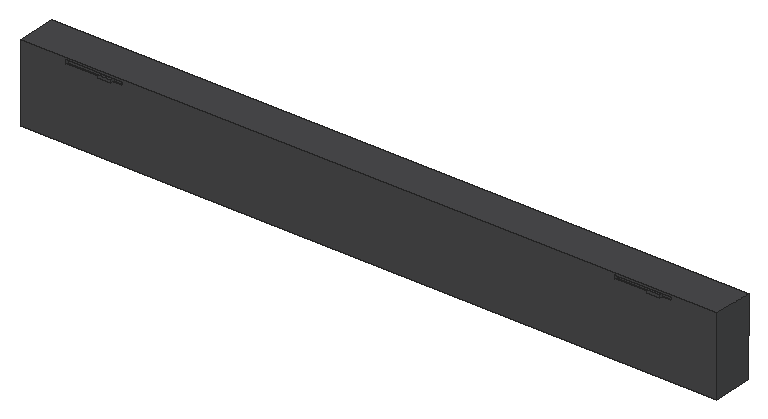
Revit family "DOT BLOCK CEILLING 646_DTSM30N6.1.15", category Luminarias, Revit 2019
Family settings
  Cota de conector redondo = Diámetro de uso
  Tipo de pieza = Normal
  Se basa en plano de trabajo = Sí
  Siempre vertical = Sí
  Corte con vacíos al cargar = No
  Origen de luz = Sí
  Compartido = No
  Punto de cálculo de habitación = No
Parameters (values of type "DOT BLOCK CEILLING 646_DTSM30N6.1.15")
  Ángulo de inclinación = 60.00°
  Zone [instance] = ""
  Watt per fixture = 30
  Wattage = 30 W
  built-in parameter 1150107 = 4000 (stored number, unit not read)
  built-in parameter 1150110 = 1 (stored number, unit not read)
  built-in parameter 1150109 = 1 (stored number, unit not read)
  built-in parameter 1150112 = 1 (stored number, unit not read)
  built-in parameter 1150113 = 1 (stored number, unit not read)
  built-in parameter 1114218 = 1 (stored number, unit not read)
  Keynote = ""
  built-in parameter 1150137 = (empty or 0)
  built-in parameter 1150132 = (empty or 0)
  Modelo = "DTSM30N6.1.15"
  Lámpara = "3030SMD PHILIPS"
  built-in parameter 1150105 = 214.86 (stored number, unit not read)
  built-in parameter 1150102 = (empty or 0)
  built-in parameter 1150106 = 2.1486 (stored number, unit not read)
  Lumens = 2700 lm
  Color Filter = 16777215
  built-in parameter 1114217 = 1 (stored number, unit not read)
  built-in parameter 1150139 = (empty or 0)
  Fabricante = "BRILLANT"
  Default Elevation = 1219.2 mm
  built-in parameter 1150104 = 8.3613 (stored number, unit not read)
  Descripción = "LUMINARIA DOWNLIGHT EN FORMATO RECTANGULAR PARA SOBREPONER DIRECTO EN TECHO, CUERPO DE ALUMINIO ACABADO EN COLOR NEGRO, IP 20, PESO 1.40Kg, TIPO DE LED 3030SMD PHILIPS CON 30W TOTAL, 1450 LUMENES, 90LM/W, IRC 90, TEMPERATURA EN BLANCO FRIO 4000K, 50 MIL HORAS DE VIDA PROMEDIO, APERTURA DE 15 GRADOS POR PROYECTO, ALIMENTADO A 90-240V"
  built-in parameter 1150115 = 1 (stored number, unit not read)
  built-in parameter 1150114 = 1 (stored number, unit not read)
  Comentarios de vataje = "90-240V"
  built-in parameter 1150138 = (empty or 0)
  built-in parameter 1150134 = 12
  Circuit [instance] = ""
  Dimming Lamp Color Temperature Shift = (empty or 0)
  Archivo de red fotométrica = "L646A-30W-840-B-15_IESNA95.IES"
  built-in parameter 1150133 = 10 (stored number, unit not read)
Reference planes
  plane 1 "Centro (Frontal/Posterior)": y = 0
  plane 2: z = 0
  plane 3 "Centro (Izquierda/Derecha)": x = 0
Forms (mm)
  Extrusion 1, solid, material "Default Form", not visible
    sketch origin (0, 0, 0) x (1, 0, 0) y (0, 0, 1)
      loop
        line (-473, 0) -> (-473, -72) -> (473, -72) -> (473, 0) -> (-473, 0)
    from -18.326 to 18.326
  Blend 2, void, not visible
    base sketch origin (-293.63, 0, 0) x (1, 0, 0) y (0, 1, 0)
      loop
        line (-162, 16.149) -> (-162, -16.149) -> (-144.14, -16.149) -> (-144.14, 16.149) -> (-162, 16.149)
    top sketch origin (-293.63, 0, 0) x (1, 0, 0) y (0, 1, 0)
      loop
        line (-160, 12.149) -> (-160, -12.149) -> (-146.14, -12.149) -> (-146.14, 12.149) -> (-160, 12.149)
    from -72 to -61.591
  Blend 3, void, not visible
    base sketch origin (-267.33, 0, 0) x (1, 0, 0) y (0, 1, 0)
      loop
        line (-162, 16.149) -> (-162, -16.149) -> (-144.14, -16.149) -> (-144.14, 16.149) -> (-162, 16.149)
    top sketch origin (-267.33, 0, 0) x (1, 0, 0) y (0, 1, 0)
      loop
        line (-160, 12.149) -> (-160, -12.149) -> (-146.14, -12.149) -> (-146.14, 12.149) -> (-160, 12.149)
    from -72 to -61.591
  Blend 4, void, not visible
    base sketch origin (-241.03, 0, 0) x (1, 0, 0) y (0, 1, 0)
      loop
        line (-162, 16.149) -> (-162, -16.149) -> (-144.14, -16.149) -> (-144.14, 16.149) -> (-162, 16.149)
    top sketch origin (-241.03, 0, 0) x (1, 0, 0) y (0, 1, 0)
      loop
        line (-160, 12.149) -> (-160, -12.149) -> (-146.14, -12.149) -> (-146.14, 12.149) -> (-160, 12.149)
    from -72 to -61.591
  Blend 5, void, not visible
    base sketch origin (-214.73, 0, 0) x (1, 0, 0) y (0, 1, 0)
      loop
        line (-162, 16.149) -> (-162, -16.149) -> (-144.14, -16.149) -> (-144.14, 16.149) -> (-162, 16.149)
    top sketch origin (-214.73, 0, 0) x (1, 0, 0) y (0, 1, 0)
      loop
        line (-160, 12.149) -> (-160, -12.149) -> (-146.14, -12.149) -> (-146.14, 12.149) -> (-160, 12.149)
    from -72 to -61.591
  Blend 6, void, not visible
    base sketch origin (-188.43, 0, 0) x (1, 0, 0) y (0, 1, 0)
      loop
        line (-162, 16.149) -> (-162, -16.149) -> (-144.14, -16.149) -> (-144.14, 16.149) -> (-162, 16.149)
    top sketch origin (-188.43, 0, 0) x (1, 0, 0) y (0, 1, 0)
      loop
        line (-160, 12.149) -> (-160, -12.149) -> (-146.14, -12.149) -> (-146.14, 12.149) -> (-160, 12.149)
    from -72 to -61.591
  Blend 7, void, not visible
    base sketch origin (-162.13, 0, 0) x (1, 0, 0) y (0, 1, 0)
      loop
        line (-162, 16.149) -> (-162, -16.149) -> (-144.14, -16.149) -> (-144.14, 16.149) -> (-162, 16.149)
    top sketch origin (-162.13, 0, 0) x (1, 0, 0) y (0, 1, 0)
      loop
        line (-160, 12.149) -> (-160, -12.149) -> (-146.14, -12.149) -> (-146.14, 12.149) -> (-160, 12.149)
    from -72 to -61.591
  Blend 8, void, not visible
    base sketch origin (-135.83, 0, 0) x (1, 0, 0) y (0, 1, 0)
      loop
        line (-162, 16.149) -> (-162, -16.149) -> (-144.14, -16.149) -> (-144.14, 16.149) -> (-162, 16.149)
    top sketch origin (-135.83, 0, 0) x (1, 0, 0) y (0, 1, 0)
      loop
        line (-160, 12.149) -> (-160, -12.149) -> (-146.14, -12.149) -> (-146.14, 12.149) -> (-160, 12.149)
    from -72 to -61.591
  Blend 9, void, not visible
    base sketch origin (-109.53, 0, 0) x (1, 0, 0) y (0, 1, 0)
      loop
        line (-162, 16.149) -> (-162, -16.149) -> (-144.14, -16.149) -> (-144.14, 16.149) -> (-162, 16.149)
    top sketch origin (-109.53, 0, 0) x (1, 0, 0) y (0, 1, 0)
      loop
        line (-160, 12.149) -> (-160, -12.149) -> (-146.14, -12.149) -> (-146.14, 12.149) -> (-160, 12.149)
    from -72 to -61.591
  Blend 10, void, not visible
    base sketch origin (-83.23, 0, 0) x (1, 0, 0) y (0, 1, 0)
      loop
        line (-162, 16.149) -> (-162, -16.149) -> (-144.14, -16.149) -> (-144.14, 16.149) -> (-162, 16.149)
    top sketch origin (-83.23, 0, 0) x (1, 0, 0) y (0, 1, 0)
      loop
        line (-160, 12.149) -> (-160, -12.149) -> (-146.14, -12.149) -> (-146.14, 12.149) -> (-160, 12.149)
    from -72 to -61.591
  Blend 11, void, not visible
    base sketch origin (-56.93, 0, 0) x (1, 0, 0) y (0, 1, 0)
      loop
        line (-162, 16.149) -> (-162, -16.149) -> (-144.14, -16.149) -> (-144.14, 16.149) -> (-162, 16.149)
    top sketch origin (-56.93, 0, 0) x (1, 0, 0) y (0, 1, 0)
      loop
        line (-160, 12.149) -> (-160, -12.149) -> (-146.14, -12.149) -> (-146.14, 12.149) -> (-160, 12.149)
    from -72 to -61.591
  Blend 12, void, not visible
    base sketch origin (-30.63, 0, 0) x (1, 0, 0) y (0, 1, 0)
      loop
        line (-162, 16.149) -> (-162, -16.149) -> (-144.14, -16.149) -> (-144.14, 16.149) -> (-162, 16.149)
    top sketch origin (-30.63, 0, 0) x (1, 0, 0) y (0, 1, 0)
      loop
        line (-160, 12.149) -> (-160, -12.149) -> (-146.14, -12.149) -> (-146.14, 12.149) -> (-160, 12.149)
    from -72 to -61.591
  Blend 13, void, not visible
    base sketch origin (-4.33, 0, 0) x (1, 0, 0) y (0, 1, 0)
      loop
        line (-162, 16.149) -> (-162, -16.149) -> (-144.14, -16.149) -> (-144.14, 16.149) -> (-162, 16.149)
    top sketch origin (-4.33, 0, 0) x (1, 0, 0) y (0, 1, 0)
      loop
        line (-160, 12.149) -> (-160, -12.149) -> (-146.14, -12.149) -> (-146.14, 12.149) -> (-160, 12.149)
    from -72 to -61.591
  Blend 14, void, not visible
    base sketch origin (21.97, 0, 0) x (1, 0, 0) y (0, 1, 0)
      loop
        line (-162, 16.149) -> (-162, -16.149) -> (-144.14, -16.149) -> (-144.14, 16.149) -> (-162, 16.149)
    top sketch origin (21.97, 0, 0) x (1, 0, 0) y (0, 1, 0)
      loop
        line (-160, 12.149) -> (-160, -12.149) -> (-146.14, -12.149) -> (-146.14, 12.149) -> (-160, 12.149)
    from -72 to -61.591
  Blend 15, void, not visible
    base sketch origin (48.27, 0, 0) x (1, 0, 0) y (0, 1, 0)
      loop
        line (-162, 16.149) -> (-162, -16.149) -> (-144.14, -16.149) -> (-144.14, 16.149) -> (-162, 16.149)
    top sketch origin (48.27, 0, 0) x (1, 0, 0) y (0, 1, 0)
      loop
        line (-160, 12.149) -> (-160, -12.149) -> (-146.14, -12.149) -> (-146.14, 12.149) -> (-160, 12.149)
    from -72 to -61.591
  Blend 16, void, not visible
    base sketch origin (74.57, 0, 0) x (1, 0, 0) y (0, 1, 0)
      loop
        line (-162, 16.149) -> (-162, -16.149) -> (-144.14, -16.149) -> (-144.14, 16.149) -> (-162, 16.149)
    top sketch origin (74.57, 0, 0) x (1, 0, 0) y (0, 1, 0)
      loop
        line (-160, 12.149) -> (-160, -12.149) -> (-146.14, -12.149) -> (-146.14, 12.149) -> (-160, 12.149)
    from -72 to -61.591
  Blend 17, void, not visible
    base sketch origin (100.87, 0, 0) x (1, 0, 0) y (0, 1, 0)
      loop
        line (-162, 16.149) -> (-162, -16.149) -> (-144.14, -16.149) -> (-144.14, 16.149) -> (-162, 16.149)
    top sketch origin (100.87, 0, 0) x (1, 0, 0) y (0, 1, 0)
      loop
        line (-160, 12.149) -> (-160, -12.149) -> (-146.14, -12.149) -> (-146.14, 12.149) -> (-160, 12.149)
    from -72 to -61.591
  Blend 18, void, not visible
    base sketch origin (127.17, 0, 0) x (1, 0, 0) y (0, 1, 0)
      loop
        line (-162, 16.149) -> (-162, -16.149) -> (-144.14, -16.149) -> (-144.14, 16.149) -> (-162, 16.149)
    top sketch origin (127.17, 0, 0) x (1, 0, 0) y (0, 1, 0)
      loop
        line (-160, 12.149) -> (-160, -12.149) -> (-146.14, -12.149) -> (-146.14, 12.149) -> (-160, 12.149)
    from -72 to -61.591
  Blend 19, void, not visible
    base sketch origin (153.47, 0, 0) x (1, 0, 0) y (0, 1, 0)
      loop
        line (-162, 16.149) -> (-162, -16.149) -> (-144.14, -16.149) -> (-144.14, 16.149) -> (-162, 16.149)
    top sketch origin (153.47, 0, 0) x (1, 0, 0) y (0, 1, 0)
      loop
        line (-160, 12.149) -> (-160, -12.149) -> (-146.14, -12.149) -> (-146.14, 12.149) -> (-160, 12.149)
    from -72 to -61.591
  Blend 20, void, not visible
    base sketch origin (179.77, 0, 0) x (1, 0, 0) y (0, 1, 0)
      loop
        line (-162, 16.149) -> (-162, -16.149) -> (-144.14, -16.149) -> (-144.14, 16.149) -> (-162, 16.149)
    top sketch origin (179.77, 0, 0) x (1, 0, 0) y (0, 1, 0)
      loop
        line (-160, 12.149) -> (-160, -12.149) -> (-146.14, -12.149) -> (-146.14, 12.149) -> (-160, 12.149)
    from -72 to -61.591
  Blend 21, void, not visible
    base sketch origin (206.07, 0, 0) x (1, 0, 0) y (0, 1, 0)
      loop
        line (-162, 16.149) -> (-162, -16.149) -> (-144.14, -16.149) -> (-144.14, 16.149) -> (-162, 16.149)
    top sketch origin (206.07, 0, 0) x (1, 0, 0) y (0, 1, 0)
      loop
        line (-160, 12.149) -> (-160, -12.149) -> (-146.14, -12.149) -> (-146.14, 12.149) -> (-160, 12.149)
    from -72 to -61.591
  Blend 22, void, not visible
    base sketch origin (232.37, 0, 0) x (1, 0, 0) y (0, 1, 0)
      loop
        line (-162, 16.149) -> (-162, -16.149) -> (-144.14, -16.149) -> (-144.14, 16.149) -> (-162, 16.149)
    top sketch origin (232.37, 0, 0) x (1, 0, 0) y (0, 1, 0)
      loop
        line (-160, 12.149) -> (-160, -12.149) -> (-146.14, -12.149) -> (-146.14, 12.149) -> (-160, 12.149)
    from -72 to -61.591
  Blend 23, void, not visible
    base sketch origin (258.67, 0, 0) x (1, 0, 0) y (0, 1, 0)
      loop
        line (-162, 16.149) -> (-162, -16.149) -> (-144.14, -16.149) -> (-144.14, 16.149) -> (-162, 16.149)
    top sketch origin (258.67, 0, 0) x (1, 0, 0) y (0, 1, 0)
      loop
        line (-160, 12.149) -> (-160, -12.149) -> (-146.14, -12.149) -> (-146.14, 12.149) -> (-160, 12.149)
    from -72 to -61.591
  Blend 24, void, not visible
    base sketch origin (284.97, 0, 0) x (1, 0, 0) y (0, 1, 0)
      loop
        line (-162, 16.149) -> (-162, -16.149) -> (-144.14, -16.149) -> (-144.14, 16.149) -> (-162, 16.149)
    top sketch origin (284.97, 0, 0) x (1, 0, 0) y (0, 1, 0)
      loop
        line (-160, 12.149) -> (-160, -12.149) -> (-146.14, -12.149) -> (-146.14, 12.149) -> (-160, 12.149)
    from -72 to -61.591
  Blend 25, void, not visible
    base sketch origin (311.27, 0, 0) x (1, 0, 0) y (0, 1, 0)
      loop
        line (-162, 16.149) -> (-162, -16.149) -> (-144.14, -16.149) -> (-144.14, 16.149) -> (-162, 16.149)
    top sketch origin (311.27, 0, 0) x (1, 0, 0) y (0, 1, 0)
      loop
        line (-160, 12.149) -> (-160, -12.149) -> (-146.14, -12.149) -> (-146.14, 12.149) -> (-160, 12.149)
    from -72 to -61.591
  Blend 26, void, not visible
    base sketch origin (337.57, 0, 0) x (1, 0, 0) y (0, 1, 0)
      loop
        line (-162, 16.149) -> (-162, -16.149) -> (-144.14, -16.149) -> (-144.14, 16.149) -> (-162, 16.149)
    top sketch origin (337.57, 0, 0) x (1, 0, 0) y (0, 1, 0)
      loop
        line (-160, 12.149) -> (-160, -12.149) -> (-146.14, -12.149) -> (-146.14, 12.149) -> (-160, 12.149)
    from -72 to -61.591
  Blend 27, void, not visible
    base sketch origin (363.87, 0, 0) x (1, 0, 0) y (0, 1, 0)
      loop
        line (-162, 16.149) -> (-162, -16.149) -> (-144.14, -16.149) -> (-144.14, 16.149) -> (-162, 16.149)
    top sketch origin (363.87, 0, 0) x (1, 0, 0) y (0, 1, 0)
      loop
        line (-160, 12.149) -> (-160, -12.149) -> (-146.14, -12.149) -> (-146.14, 12.149) -> (-160, 12.149)
    from -72 to -61.591
  Blend 28, void, not visible
    base sketch origin (390.17, 0, 0) x (1, 0, 0) y (0, 1, 0)
      loop
        line (-162, 16.149) -> (-162, -16.149) -> (-144.14, -16.149) -> (-144.14, 16.149) -> (-162, 16.149)
    top sketch origin (390.17, 0, 0) x (1, 0, 0) y (0, 1, 0)
      loop
        line (-160, 12.149) -> (-160, -12.149) -> (-146.14, -12.149) -> (-146.14, 12.149) -> (-160, 12.149)
    from -72 to -61.591
  Blend 29, void, not visible
    base sketch origin (416.47, 0, 0) x (1, 0, 0) y (0, 1, 0)
      loop
        line (-162, 16.149) -> (-162, -16.149) -> (-144.14, -16.149) -> (-144.14, 16.149) -> (-162, 16.149)
    top sketch origin (416.47, 0, 0) x (1, 0, 0) y (0, 1, 0)
      loop
        line (-160, 12.149) -> (-160, -12.149) -> (-146.14, -12.149) -> (-146.14, 12.149) -> (-160, 12.149)
    from -72 to -61.591
  Blend 30, void, not visible
    base sketch origin (442.77, 0, 0) x (1, 0, 0) y (0, 1, 0)
      loop
        line (-162, 16.149) -> (-162, -16.149) -> (-144.14, -16.149) -> (-144.14, 16.149) -> (-162, 16.149)
    top sketch origin (442.77, 0, 0) x (1, 0, 0) y (0, 1, 0)
      loop
        line (-160, 12.149) -> (-160, -12.149) -> (-146.14, -12.149) -> (-146.14, 12.149) -> (-160, 12.149)
    from -72 to -61.591
  Blend 31, void, not visible
    base sketch origin (469.07, 0, 0) x (1, 0, 0) y (0, 1, 0)
      loop
        line (-162, 16.149) -> (-162, -16.149) -> (-144.14, -16.149) -> (-144.14, 16.149) -> (-162, 16.149)
    top sketch origin (469.07, 0, 0) x (1, 0, 0) y (0, 1, 0)
      loop
        line (-160, 12.149) -> (-160, -12.149) -> (-146.14, -12.149) -> (-146.14, 12.149) -> (-160, 12.149)
    from -72 to -61.591
  Blend 32, void, not visible
    base sketch origin (495.37, 0, 0) x (1, 0, 0) y (0, 1, 0)
      loop
        line (-162, 16.149) -> (-162, -16.149) -> (-144.14, -16.149) -> (-144.14, 16.149) -> (-162, 16.149)
    top sketch origin (495.37, 0, 0) x (1, 0, 0) y (0, 1, 0)
      loop
        line (-160, 12.149) -> (-160, -12.149) -> (-146.14, -12.149) -> (-146.14, 12.149) -> (-160, 12.149)
    from -72 to -61.591
  Blend 33, void, not visible
    base sketch origin (521.67, 0, 0) x (1, 0, 0) y (0, 1, 0)
      loop
        line (-162, 16.149) -> (-162, -16.149) -> (-144.14, -16.149) -> (-144.14, 16.149) -> (-162, 16.149)
    top sketch origin (521.67, 0, 0) x (1, 0, 0) y (0, 1, 0)
      loop
        line (-160, 12.149) -> (-160, -12.149) -> (-146.14, -12.149) -> (-146.14, 12.149) -> (-160, 12.149)
    from -72 to -61.591
  Blend 34, void, not visible
    base sketch origin (547.97, 0, 0) x (1, 0, 0) y (0, 1, 0)
      loop
        line (-162, 16.149) -> (-162, -16.149) -> (-144.14, -16.149) -> (-144.14, 16.149) -> (-162, 16.149)
    top sketch origin (547.97, 0, 0) x (1, 0, 0) y (0, 1, 0)
      loop
        line (-160, 12.149) -> (-160, -12.149) -> (-146.14, -12.149) -> (-146.14, 12.149) -> (-160, 12.149)
    from -72 to -61.591
  Blend 35, void, not visible
    base sketch origin (574.27, 0, 0) x (1, 0, 0) y (0, 1, 0)
      loop
        line (-162, 16.149) -> (-162, -16.149) -> (-144.14, -16.149) -> (-144.14, 16.149) -> (-162, 16.149)
    top sketch origin (574.27, 0, 0) x (1, 0, 0) y (0, 1, 0)
      loop
        line (-160, 12.149) -> (-160, -12.149) -> (-146.14, -12.149) -> (-146.14, 12.149) -> (-160, 12.149)
    from -72 to -61.591
  Blend 36, void, not visible
    base sketch origin (600.57, 0, 0) x (1, 0, 0) y (0, 1, 0)
      loop
        line (-162, 16.149) -> (-162, -16.149) -> (-144.14, -16.149) -> (-144.14, 16.149) -> (-162, 16.149)
    top sketch origin (600.57, 0, 0) x (1, 0, 0) y (0, 1, 0)
      loop
        line (-160, 12.149) -> (-160, -12.149) -> (-146.14, -12.149) -> (-146.14, 12.149) -> (-160, 12.149)
    from -72 to -61.591
  Extrusion 37, solid, not visible
    sketch origin (-463.861, 0, 3.217) x (0, -1, 0) y (0, 0, -1)
      loop
        line (18.326, 3.217) -> (-18.326, 3.217) -> (-18.326, 73.917) -> (-32.183, 73.917) -> (-32.183, 72.617) -> (-19.626, 72.617) -> (-19.626, 1.917) -> (19.626, 1.917) -> (19.626, 72.617) -> (32.183, 72.617) -> (32.183, 73.917) -> (18.326, 73.917) -> (18.326, 3.217)
    from 89.098 to 128.24
  Extrusion 38, solid, not visible
    sketch origin (-246.523, 0, 3.217) x (0, -1, 0) y (0, 0, 1)
      loop
        line (-19.626, -1.917) -> (19.626, -1.917) -> (19.626, -63.89) -> (20.426, -63.89) -> (20.426, -1.117) -> (-20.426, -1.117) -> (-20.426, -63.89) -> (-19.626, -63.89) -> (-19.626, -1.917)
    from 122.954 to 124.098
  Extrusion 39, solid, not visible
    sketch origin (-463.861, 0, 3.217) x (0, -1, 0) y (0, 0, -1)
      loop
        line (-19.626, 1.917) -> (-19.626, 63.89) -> (-20.426, 63.89) -> (-20.426, 1.117) -> (20.426, 1.117) -> (20.426, 63.89) -> (19.626, 63.89) -> (19.626, 1.917) -> (-19.626, 1.917)
    from 122.954 to 124.098
  Extrusion 40, void, not visible
    sketch origin (0, 0, 0) x (1, 0, 0) y (0, 1, 0)
      loop
        circle (-363.799, -25.904) r 2.055
      loop
        circle (-346.585, -25.904) r 2.055
      loop
        circle (-363.799, 25.904) r 2.055
      loop
        circle (-346.585, 25.904) r 2.055
    from -70.7 to -69.4
  Blend 41, void
    base sketch origin (74.57, 130.851, 72) x (1, 0, 0) y (0, 1, 0)
      loop
        line (-162, -147) -> (-144.14, -147) -> (-144.14, -114.702) -> (-162, -114.702) -> (-162, -147)
    top sketch origin (74.57, 130.851, 72) x (1, 0, 0) y (0, 1, 0)
      loop
        line (-160, -143) -> (-146.14, -143) -> (-146.14, -118.702) -> (-160, -118.702) -> (-160, -143)
    from -72 to -61.591
  Blend 42, void
    base sketch origin (100.87, 130.851, 72) x (1, 0, 0) y (0, 1, 0)
      loop
        line (-162, -147) -> (-144.14, -147) -> (-144.14, -114.702) -> (-162, -114.702) -> (-162, -147)
    top sketch origin (100.87, 130.851, 72) x (1, 0, 0) y (0, 1, 0)
      loop
        line (-160, -143) -> (-146.14, -143) -> (-146.14, -118.702) -> (-160, -118.702) -> (-160, -143)
    from -72 to -61.591
  Blend 43, void
    base sketch origin (127.17, 130.851, 72) x (1, 0, 0) y (0, 1, 0)
      loop
        line (-162, -147) -> (-144.14, -147) -> (-144.14, -114.702) -> (-162, -114.702) -> (-162, -147)
    top sketch origin (127.17, 130.851, 72) x (1, 0, 0) y (0, 1, 0)
      loop
        line (-160, -143) -> (-146.14, -143) -> (-146.14, -118.702) -> (-160, -118.702) -> (-160, -143)
    from -72 to -61.591
  Blend 44, void
    base sketch origin (153.47, 130.851, 72) x (1, 0, 0) y (0, 1, 0)
      loop
        line (-162, -147) -> (-144.14, -147) -> (-144.14, -114.702) -> (-162, -114.702) -> (-162, -147)
    top sketch origin (153.47, 130.851, 72) x (1, 0, 0) y (0, 1, 0)
      loop
        line (-160, -143) -> (-146.14, -143) -> (-146.14, -118.702) -> (-160, -118.702) -> (-160, -143)
    from -72 to -61.591
  Blend 45, void
    base sketch origin (179.77, 130.851, 72) x (1, 0, 0) y (0, 1, 0)
      loop
        line (-162, -147) -> (-144.14, -147) -> (-144.14, -114.702) -> (-162, -114.702) -> (-162, -147)
    top sketch origin (179.77, 130.851, 72) x (1, 0, 0) y (0, 1, 0)
      loop
        line (-160, -143) -> (-146.14, -143) -> (-146.14, -118.702) -> (-160, -118.702) -> (-160, -143)
    from -72 to -61.591
  Blend 46, void
    base sketch origin (206.07, 130.851, 72) x (1, 0, 0) y (0, 1, 0)
      loop
        line (-162, -147) -> (-144.14, -147) -> (-144.14, -114.702) -> (-162, -114.702) -> (-162, -147)
    top sketch origin (206.07, 130.851, 72) x (1, 0, 0) y (0, 1, 0)
      loop
        line (-160, -143) -> (-146.14, -143) -> (-146.14, -118.702) -> (-160, -118.702) -> (-160, -143)
    from -72 to -61.591
  Blend 47, void
    base sketch origin (232.37, 130.851, 72) x (1, 0, 0) y (0, 1, 0)
      loop
        line (-162, -147) -> (-144.14, -147) -> (-144.14, -114.702) -> (-162, -114.702) -> (-162, -147)
    top sketch origin (232.37, 130.851, 72) x (1, 0, 0) y (0, 1, 0)
      loop
        line (-160, -143) -> (-146.14, -143) -> (-146.14, -118.702) -> (-160, -118.702) -> (-160, -143)
    from -72 to -61.591
  Extrusion 48, solid, material "Default Form"
    sketch origin (0, 0, 72) x (1, 0, 0) y (0, 0, -1)
      loop
        line (-323, 0) -> (323, 0) -> (323, 72) -> (-323, 72) -> (-323, 0)
    from -18.326 to 18.326
  Blend 49, void
    base sketch origin (258.67, 130.851, 72) x (1, 0, 0) y (0, 1, 0)
      loop
        line (-162, -147) -> (-144.14, -147) -> (-144.14, -114.702) -> (-162, -114.702) -> (-162, -147)
    top sketch origin (258.67, 130.851, 72) x (1, 0, 0) y (0, 1, 0)
      loop
        line (-160, -143) -> (-146.14, -143) -> (-146.14, -118.702) -> (-160, -118.702) -> (-160, -143)
    from -72 to -61.591
  Blend 50, void
    base sketch origin (284.97, 130.851, 72) x (1, 0, 0) y (0, 1, 0)
      loop
        line (-162, -147) -> (-144.14, -147) -> (-144.14, -114.702) -> (-162, -114.702) -> (-162, -147)
    top sketch origin (284.97, 130.851, 72) x (1, 0, 0) y (0, 1, 0)
      loop
        line (-160, -143) -> (-146.14, -143) -> (-146.14, -118.702) -> (-160, -118.702) -> (-160, -143)
    from -72 to -61.591
  Blend 51, void
    base sketch origin (21.97, 130.851, 72) x (1, 0, 0) y (0, 1, 0)
      loop
        line (-162, -147) -> (-144.14, -147) -> (-144.14, -114.702) -> (-162, -114.702) -> (-162, -147)
    top sketch origin (21.97, 130.851, 72) x (1, 0, 0) y (0, 1, 0)
      loop
        line (-160, -143) -> (-146.14, -143) -> (-146.14, -118.702) -> (-160, -118.702) -> (-160, -143)
    from -72 to -61.591
  Blend 52, void
    base sketch origin (48.27, 130.851, 72) x (1, 0, 0) y (0, 1, 0)
      loop
        line (-162, -147) -> (-144.14, -147) -> (-144.14, -114.702) -> (-162, -114.702) -> (-162, -147)
    top sketch origin (48.27, 130.851, 72) x (1, 0, 0) y (0, 1, 0)
      loop
        line (-160, -143) -> (-146.14, -143) -> (-146.14, -118.702) -> (-160, -118.702) -> (-160, -143)
    from -72 to -61.591
  Extrusion 53, void
    sketch origin (-158.75, 0, 0) x (1, 0, 0) y (0, 1, 0)
      loop
        line (-122.17, -18.326) -> (-69.57, -18.326) -> (-69.57, -16.149) -> (-122.17, -16.149) -> (-122.17, -18.326)
      loop
        line (-122.17, 18.326) -> (-122.17, 16.149) -> (-69.57, 16.149) -> (-69.57, 18.326) -> (-122.17, 18.326)
    from 66.852 to 70.535
  Extrusion 54, solid, material "Default Form"
    sketch origin (125, 0, 0) x (1, 0, 0) y (0, 1, 0)
      loop
        line (146.935, -16.149) -> (145.601, -16.149) -> (145.601, -18.326) -> (135.101, -18.326) -> (135.101, -20.238) -> (146.935, -20.238) -> (146.935, -16.149)
      loop
        line (146.935, 16.149) -> (146.935, 20.238) -> (135.101, 20.238) -> (135.101, 18.326) -> (145.601, 18.326) -> (145.601, 16.149) -> (146.935, 16.149)
      loop
        line (-362.305, -16.149) -> (-363.639, -16.149) -> (-363.639, -18.326) -> (-374.139, -18.326) -> (-374.139, -20.238) -> (-362.305, -20.238) -> (-362.305, -16.149)
      loop
        line (-362.305, 16.149) -> (-362.305, 20.238) -> (-374.139, 20.238) -> (-374.139, 18.326) -> (-363.639, 18.326) -> (-363.639, 16.149) -> (-362.305, 16.149)
    from 67.466 to 69.773
  Extrusion 55, void
    sketch origin (158.75, 0, 0) x (-1, 0, 0) y (0, -1, 0)
      loop
        line (-122.17, 18.326) -> (-122.17, 16.149) -> (-69.57, 16.149) -> (-69.57, 18.326) -> (-122.17, 18.326)
      loop
        line (-122.17, -18.326) -> (-69.57, -18.326) -> (-69.57, -16.149) -> (-122.17, -16.149) -> (-122.17, -18.326)
    from 66.852 to 70.535
  Blend 56, void
    base sketch origin (311.27, 130.851, 72) x (1, 0, 0) y (0, 1, 0)
      loop
        line (-162, -147) -> (-144.14, -147) -> (-144.14, -114.702) -> (-162, -114.702) -> (-162, -147)
    top sketch origin (311.27, 130.851, 72) x (1, 0, 0) y (0, 1, 0)
      loop
        line (-160, -143) -> (-146.14, -143) -> (-146.14, -118.702) -> (-160, -118.702) -> (-160, -143)
    from -72 to -61.591
  Blend 57, void
    base sketch origin (337.57, 130.851, 72) x (1, 0, 0) y (0, 1, 0)
      loop
        line (-162, -147) -> (-144.14, -147) -> (-144.14, -114.702) -> (-162, -114.702) -> (-162, -147)
    top sketch origin (337.57, 130.851, 72) x (1, 0, 0) y (0, 1, 0)
      loop
        line (-160, -143) -> (-146.14, -143) -> (-146.14, -118.702) -> (-160, -118.702) -> (-160, -143)
    from -72 to -61.591
  Blend 58, void
    base sketch origin (363.87, 130.851, 72) x (1, 0, 0) y (0, 1, 0)
      loop
        line (-162, -147) -> (-144.14, -147) -> (-144.14, -114.702) -> (-162, -114.702) -> (-162, -147)
    top sketch origin (363.87, 130.851, 72) x (1, 0, 0) y (0, 1, 0)
      loop
        line (-160, -143) -> (-146.14, -143) -> (-146.14, -118.702) -> (-160, -118.702) -> (-160, -143)
    from -72 to -61.591
  Blend 59, void
    base sketch origin (390.17, 130.851, 72) x (1, 0, 0) y (0, 1, 0)
      loop
        line (-162, -147) -> (-144.14, -147) -> (-144.14, -114.702) -> (-162, -114.702) -> (-162, -147)
    top sketch origin (390.17, 130.851, 72) x (1, 0, 0) y (0, 1, 0)
      loop
        line (-160, -143) -> (-146.14, -143) -> (-146.14, -118.702) -> (-160, -118.702) -> (-160, -143)
    from -72 to -61.591
  Blend 60, void
    base sketch origin (-30.63, 130.851, 72) x (1, 0, 0) y (0, 1, 0)
      loop
        line (-162, -147) -> (-144.14, -147) -> (-144.14, -114.702) -> (-162, -114.702) -> (-162, -147)
    top sketch origin (-30.63, 130.851, 72) x (1, 0, 0) y (0, 1, 0)
      loop
        line (-160, -143) -> (-146.14, -143) -> (-146.14, -118.702) -> (-160, -118.702) -> (-160, -143)
    from -72 to -61.591
  Blend 61, void
    base sketch origin (-4.33, 130.851, 72) x (1, 0, 0) y (0, 1, 0)
      loop
        line (-162, -147) -> (-144.14, -147) -> (-144.14, -114.702) -> (-162, -114.702) -> (-162, -147)
    top sketch origin (-4.33, 130.851, 72) x (1, 0, 0) y (0, 1, 0)
      loop
        line (-160, -143) -> (-146.14, -143) -> (-146.14, -118.702) -> (-160, -118.702) -> (-160, -143)
    from -72 to -61.591
  Blend 62, void
    base sketch origin (-83.23, 130.851, 72) x (1, 0, 0) y (0, 1, 0)
      loop
        line (-162, -147) -> (-144.14, -147) -> (-144.14, -114.702) -> (-162, -114.702) -> (-162, -147)
    top sketch origin (-83.23, 130.851, 72) x (1, 0, 0) y (0, 1, 0)
      loop
        line (-160, -143) -> (-146.14, -143) -> (-146.14, -118.702) -> (-160, -118.702) -> (-160, -143)
    from -72 to -61.591
  Blend 63, void
    base sketch origin (-56.93, 130.851, 72) x (1, 0, 0) y (0, 1, 0)
      loop
        line (-162, -147) -> (-144.14, -147) -> (-144.14, -114.702) -> (-162, -114.702) -> (-162, -147)
    top sketch origin (-56.93, 130.851, 72) x (1, 0, 0) y (0, 1, 0)
      loop
        line (-160, -143) -> (-146.14, -143) -> (-146.14, -118.702) -> (-160, -118.702) -> (-160, -143)
    from -72 to -61.591
Cuts and joins
  Blend 41, Blend 42, Blend 43, Blend 44, Blend 45, Blend 46, Blend 47, Blend 49, Blend 50, Blend 51, Blend 52, Extrusion 53, Extrusion 55, Blend 56, Blend 57, Blend 58, Blend 59, Blend 60, Blend 61, Blend 62, Blend 63 cuts Extrusion 48
  Extrusion 55 cuts Extrusion 54
Dimensions and locks
  cut or joined group 1 (Blend 41, Blend 42, Blend 43, Blend 44, Blend 45, Blend 46, Blend 47, Extrusion 48, Blend 49, Blend 50, Blend 51, Blend 52, Extrusion 53, Extrusion 55, Blend 56, Blend 57, Blend 58, Blend 59, Blend 60, Blend 61, Blend 62, Blend 63) to cut or joined group 1 = 72 mm  (x2)
  cut or joined group 1 to cut or joined group 1 = 36.651 mm
  cut or joined group 1 to cut or joined group 1 = 646 mm
  cut or joined group 1 to cut or joined group 1 = 42.08 mm  (x2)
  aligned and locked: level to plane 2
Connectors
  electrical at (0, 0, 72)
    settings: on cut or joined group 1, index 1, voltage 0 V, apparent load 0 VA, apparent load phase1 0 VA, apparent load phase2 0 VA, apparent load phase3 0 VA, power factor 1, load classification "Otro", number of poles 1, system type 31, power factor state 1, is connector primary yes, connector utility no, sub classification motor no, connector description ""
